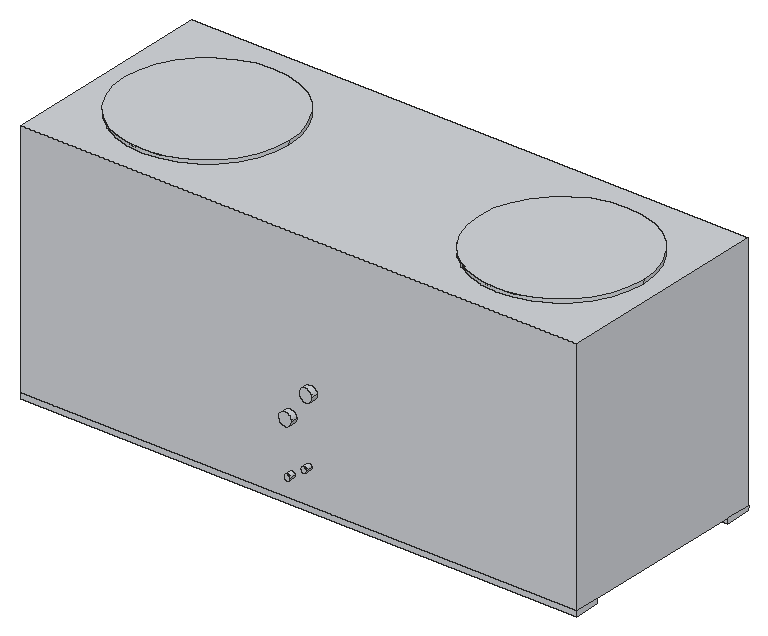
Revit family "4c396db0c36245e3aff2fc978fb12bc0", category Mechanical Equipment, Revit 2021
Family settings
  Round Connector Dimension = Use Radius
  Part Type = Normal
  OmniClass Number = 23.75.10.24.21.11.11
  OmniClass Title = Packaged Refrigerant Condensing Coils and Fan Units
  Seek Item ID = Condenser for VPAC - Air Cooled - 10-15 Tons-0000-USA-ENU
  Work Plane-Based = No
  Always vertical = Yes
  Cut with Voids When Loaded = No
  Shared = No
  Room Calculation Point = No
Parameters (values of type "15 Tons")
  Voltage = 460 V
  Visibility 3 = yes
  Visibility 2 = no
  Visibility 1 = yes
  Unit Width = 2' - 10"
  Unit Material = none
  Unit Length = 7' - 4 1/8"
  Unit Height = 3' - 2 3/4"
  Outlet Radius = 7/16"
  Outlet Diameter = Outlet Radius * 2  # 7/8"
  Number of Poles = 3
  Maximum Operating Charge = 33' - 0"
  Load Classification = Cooling
  Length 1 = 3' - 2 3/4"
  Inlet Radius = 1"
  Inlet Diameter = Inlet Radius * 2  # 2"
  Fan Radius = Fan Diameter / 2  # 1' - 1"
  Fan Diameter = 2' - 2"
  Default Elevation = 0' - 0"
  C4 Offset2 = 0' - 3 3/8"
  C4 Offset1 = 1' - 5"
  C3 Offset2 = 0' - 6 5/8"
  C3 Offset1 = 1' - 0 1/2"
  C2 Offset2 = 0' - 3 5/8"
  C2 Offset1 = 0' - 6 3/8"
  C1 Offset2 = 0' - 6 1/4"
  C1 Offset1 = 0' - 4 3/8"
  Apparent Load = 15130 VA
Types (4): name | Visibility 3 | Visibility 2 | Visibility 1 | Unit Width | Unit Length | Fan Radius | Fan Diameter | C4 Offset2 | C4 Offset1 | C3 Offset2 | C3 Offset1 | C2 Offset2 | C2 Offset1 | C1 Offset2 | C1 Offset1 | Apparent Load
  (no name) | yes | no | yes | 2' - 10" | 7' - 4 1/8" | 1' - 1" | 2' - 2" | 0' - 3 3/8" | 1' - 5" | 0' - 6 5/8" | 1' - 0 1/2" | 0' - 3 5/8" | 0' - 6 3/8" | 0' - 6 1/4" | 0' - 4 3/8" | 15130 VA
  10 Tons | no | yes | no | 3' - 2" | 4' - 3 3/16" | 1' - 2" | 2' - 4" | 0' - 3" | 0' - 9" | 0' - 3" | 0' - 5 1/2" | 0' - 1 1/2" | 0' - 3 5/16" | 0' - 4 1/4" | 0' - 3 5/16" | 10720 VA
  12 Tons | yes | no | yes | 2' - 10" | 7' - 4 1/8" | 1' - 1" | 2' - 2" | 0' - 3 3/8" | 1' - 5" | 0' - 6 5/8" | 1' - 0 1/2" | 0' - 3 5/8" | 0' - 6 3/8" | 0' - 6 1/4" | 0' - 4 3/8" | 12930 VA
  15 Tons | yes | no | yes | 2' - 10" | 7' - 4 1/8" | 1' - 1" | 2' - 2" | 0' - 3 3/8" | 1' - 5" | 0' - 6 5/8" | 1' - 0 1/2" | 0' - 3 5/8" | 0' - 6 3/8" | 0' - 6 1/4" | 0' - 4 3/8" | 15130 VA
Reference planes (in)
  plane 1 "Center (Front/Back)": y = 0
  plane 2: z = 0
  plane 3 "Center (Left/Right)": x = 0
  plane 4: x = 88.125
  plane 5: z = 38.75
  plane 6: y = 34
  plane 7: x = 3
  plane 8: x = 16
  plane 9: x = 49.375
  plane 10: x = 38.75
  plane 11: z = 4.375
  plane 12: z = 6.375
  plane 13: z = 12.5
  plane 14: z = 17
  plane 15: x = 43.125
  plane 16: x = 45.75
  plane 17: x = 42.75
  plane 18: x = 46
  plane 19: x = 44.875
  plane 20: z = 35.625
  plane 21: x = 85.125
  plane 22: x = 72.125
  plane 23: z = 39.25
  plane 24: y = -1
  plane 25: y = 17
  plane 26: y = 1
  plane 27: y = 30
  plane 28: y = 4
  plane 29: z = 0.8
  plane 30: x = 77.5
Forms (in)
  Extrusion 1, solid, material <- "Unit Material"
    sketch origin (0, 0, 0) x (1, 0, 0) y (0, 0, 1)
      loop
        line (0, 38.75) -> (0, 0.8) -> (88.125, 0.8) -> (88.125, 38.75) -> (0, 38.75)
    from 0 to -34
  Extrusion 2, solid, material <- "Unit Material"
    sketch origin (0, 0, 0) x (1, 0, 0) y (0, 0, 1)
      loop
        circle (44.875, 35.625) r 0.5
    from -1 to 0
  Extrusion 3, solid, material <- "Unit Material"
    sketch origin (0, 0, 0) x (1, 0, 0) y (0, 0, 1)
      loop
        circle (46, 17) r 1
    from 0 to 1
  Extrusion 4, solid, material <- "Unit Material"
    sketch origin (0, 0, 0) x (1, 0, 0) y (0, 0, 1)
      loop
        circle (42.75, 12.5) r 1
    from 0 to 1
  Extrusion 5, solid, material <- "Unit Material"
    sketch origin (0, 0, 0) x (1, 0, 0) y (0, 0, 1)
      loop
        circle (45.75, 6.375) r 0.4375
    from 0 to 1
  Extrusion 6, solid, material <- "Unit Material"
    sketch origin (0, 0, 0) x (1, 0, 0) y (0, 0, 1)
      loop
        circle (43.125, 4.375) r 0.4375
    from 0 to 1
  Extrusion 7, solid, material <- "Unit Material"
    sketch origin (0, 0, 0) x (1, 0, 0) y (0, 1, 0)
      loop
        circle (16, 17) r 13
    from 38.75 to 39.25
  Extrusion 8, solid, material <- "Unit Material", visible <- "Visibility 1"
    sketch origin (56.125, 0, 0) x (1, 0, 0) y (0, 1, 0)
      loop
        circle (16, 17) r 13
    from 38.75 to 39.25
  Extrusion 9, solid, material <- "Unit Material"
    sketch origin (1, 0, -7.05) x (1, 0, 0) y (0, 0, 1)
      loop
        line (-1, 7.85) -> (-1, 7.05) -> (87.125, 7.05) -> (87.125, 7.85) -> (-1, 7.85)
    from -4 to 0
  Extrusion 10, solid, material <- "Unit Material"
    sketch origin (0, 38, 0) x (1, 0, 0) y (0, 0, -1)
      loop
        line (0, -0.8) -> (88.125, -0.8) -> (88.125, 0) -> (0, 0) -> (0, -0.8)
    from -8 to -4
Cuts and joins
  joined: Extrusion 1, Extrusion 2, Extrusion 3, Extrusion 4, Extrusion 5, Extrusion 6
Lines and regions (in)
  model lines, visible <- "Visibility 3"
    curve 1: line (49.375, 0, 38.75) -> (49.375, 0, 0.8)
    curve 2: line (3, 0, 38.75) -> (3, 0, 0.8)
  model lines, visible <- "Visibility 2"
    curve 3: line (77.5, 0, 38.75) -> (77.5, 0, 0.8)
Dimensions and locks (in)
  "Unit Length": plane 4 to plane 3 "Center (Left/Right)"
  "Unit Height": plane 5 to plane 2
  "Unit Width": plane 1 "Center (Front/Back)" to plane 6
  locked: plane 7 to plane 3 "Center (Left/Right)" at 3
  "Fan Radius": plane 8 to plane 7
  "Length 1": plane 4 to plane 9
  locked: plane 9 to plane 10 at 10.625
  "C1 Offset1": plane 11 to plane 2
  "C2 Offset1": plane 12 to plane 2
  "C3 Offset1": plane 13 to plane 2
  "C4 Offset1": plane 14 to plane 2
  "C1 Offset2": plane 9 to plane 15
  "C2 Offset2": plane 9 to plane 16
  "C3 Offset2": plane 9 to plane 17
  "C4 Offset2": plane 9 to plane 18
  locked: plane 9 to plane 19 at 4.5
  locked: plane 5 to plane 20 at 3.125
  locked: plane 4 to plane 21 at 3
  "Fan Radius": plane 21 to plane 22
  locked: plane 23 to plane 5 at 0.5
  locked: plane 24 to plane 1 "Center (Front/Back)" at 1
  equal spacing: plane 1 "Center (Front/Back)", plane 25, plane 6
  locked: plane 26 to plane 1 "Center (Front/Back)" at 1
  locked: plane 6 to plane 27 at 4
  locked: plane 28 to plane 1 "Center (Front/Back)" at 4
  locked: plane 29 to plane 2 at 0.8
  locked: plane 4 to plane 30 at 10.625
  radius of Extrusion 2 sketch curve = 0' - 0 1/2"
  "Inlet Radius": radius of Extrusion 3 sketch curve
  "Inlet Radius": radius of Extrusion 4 sketch curve
  "Outlet Radius": radius of Extrusion 5 sketch curve
  "Outlet Radius": radius of Extrusion 6 sketch curve
  "Fan Radius": radius of Extrusion 7 sketch curve
  "Fan Radius": radius of Extrusion 8 sketch curve
  aligned and locked: Extrusion 1 sketch curve to plane 5
  aligned and locked: plane 3 "Center (Left/Right)" to Extrusion 1 sketch curve
  aligned and locked: Extrusion 1 sketch curve to plane 4
  aligned and locked: Extrusion 1 to plane 6
  aligned and locked: plane 1 "Center (Front/Back)" to Extrusion 1
  aligned and locked: plane 20 to Extrusion 2 sketch curve
  aligned and locked: plane 19 to Extrusion 2 sketch curve
  aligned and locked: plane 26 to Extrusion 2
  aligned and locked: plane 1 "Center (Front/Back)" to Extrusion 2
  aligned and locked: plane 14 to Extrusion 3 sketch curve
  aligned and locked: plane 18 to Extrusion 3 sketch curve
  aligned and locked: Extrusion 3 to plane 1 "Center (Front/Back)"
  aligned and locked: plane 24 to Extrusion 3
  aligned and locked: plane 13 to Extrusion 4 sketch curve
  aligned and locked: plane 17 to Extrusion 4 sketch curve
  aligned and locked: Extrusion 4 to plane 1 "Center (Front/Back)"
  aligned and locked: plane 24 to Extrusion 4
  aligned and locked: plane 12 to Extrusion 5 sketch curve
  aligned and locked: plane 16 to Extrusion 5 sketch curve
  aligned and locked: Extrusion 5 to plane 1 "Center (Front/Back)"
  aligned and locked: plane 24 to Extrusion 5
  aligned and locked: plane 11 to Extrusion 6 sketch curve
  aligned and locked: plane 15 to Extrusion 6 sketch curve
  aligned and locked: Extrusion 6 to plane 1 "Center (Front/Back)"
  aligned and locked: plane 24 to Extrusion 6
  aligned and locked: plane 25 to Extrusion 7 sketch curve
  aligned and locked: plane 8 to Extrusion 7 sketch curve
  aligned and locked: plane 25 to Extrusion 8 sketch curve
  aligned and locked: plane 22 to Extrusion 8 sketch curve
  aligned and locked: plane 23 to Extrusion 7
  aligned and locked: Extrusion 7 to plane 5
  aligned and locked: Extrusion 8 to plane 23
  aligned and locked: Extrusion 8 to plane 5
  aligned and locked: plane 5 to curve 1
  aligned and locked: plane 29 to curve 1
  aligned and locked: curve 1 to plane 9
  aligned and locked: plane 29 to curve 2
  aligned and locked: curve 2 to plane 7
  aligned and locked: plane 5 to curve 2
  aligned and locked: Extrusion 1 sketch curve to plane 29
  aligned and locked: Extrusion 9 to plane 28
  aligned and locked: plane 1 "Center (Front/Back)" to Extrusion 9
  aligned and locked: Extrusion 9 to plane 3 "Center (Left/Right)"
  aligned and locked: plane 4 to Extrusion 9
  aligned and locked: Extrusion 9 to plane 29
  aligned and locked: Extrusion 9 to plane 2
  aligned and locked: plane 27 to Extrusion 10
  aligned and locked: Extrusion 10 to plane 6
  aligned and locked: curve 3 to plane 5
  aligned and locked: curve 3 to plane 29
  aligned and locked: curve 3 to plane 30
Automatic sketch dimensions
  Extrusion 9 sketch curve to level = 0' - 0"
  plane 3 "Center (Left/Right)" to Extrusion 9 sketch curve = 0' - 0"
  plane 4 to Extrusion 9 sketch curve = 0' - 0"
  Extrusion 9 sketch curve to plane 29 = 0' - 0"
  Extrusion 10 sketch curve to level = 0' - 0"
  Extrusion 10 sketch curve to plane 3 "Center (Left/Right)" = 0' - 0"
  Extrusion 10 sketch curve to plane 4 = 0' - 0"
  Extrusion 10 sketch curve to plane 29 = 0' - 0"
Connectors (in)
  piping at (43.125, -1, 4.375), diameter 0.875, driven by "Outlet Radius"
    settings: on cut or joined group of Extrusion 1, Extrusion 2, Extrusion 3, Extrusion 4, Extrusion 5, Extrusion 6, index 1, connector inside diameter 7/8", connector length 0' - 0", flow factor 0, pipe flow 0 GPM, pressure drop 0.00 psi, fitting loss kfactor 0, connector angle 0.00°, fixture units 0, engagement length 0' - 0", angle of deflection 0.00°, flow configuration 0, flow direction 2, fitting loss method 0, system type 22, joint type 0, gender type 0, connector reference index 3, connector utility 0, adjustable connector no, is connector primary yes, connector description "Cryogen Out"
  piping at (45.75, -1, 6.375), diameter 0.875, driven by "Outlet Radius"
    settings: on cut or joined group of Extrusion 1, Extrusion 2, Extrusion 3, Extrusion 4, Extrusion 5, Extrusion 6, index 2, connector inside diameter 7/8", connector length 0' - 0", flow factor 0, pipe flow 0 GPM, pressure drop 0.00 psi, fitting loss kfactor 0, connector angle 0.00°, fixture units 0, engagement length 0' - 0", angle of deflection 0.00°, flow configuration 0, flow direction 2, fitting loss method 0, system type 22, joint type 0, gender type 0, connector reference index 4, connector utility 0, adjustable connector no, is connector primary no, connector description "Cryogen Out"
  piping at (42.75, -1, 12.5), diameter 2, driven by "Inlet Radius"
    settings: on cut or joined group of Extrusion 1, Extrusion 2, Extrusion 3, Extrusion 4, Extrusion 5, Extrusion 6, index 3, connector inside diameter 2", connector length 0' - 0", flow factor 0, pipe flow 0 GPM, pressure drop 0.00 psi, fitting loss kfactor 0, connector angle 0.00°, fixture units 0, engagement length 0' - 0", angle of deflection 0.00°, flow configuration 0, flow direction 1, fitting loss method 0, system type 22, joint type 0, gender type 0, connector reference index 1, connector utility 0, adjustable connector no, is connector primary no, connector description "Cryogen In"
  piping at (46, -1, 17), diameter 2, driven by "Inlet Radius"
    settings: on cut or joined group of Extrusion 1, Extrusion 2, Extrusion 3, Extrusion 4, Extrusion 5, Extrusion 6, index 4, connector inside diameter 2", connector length 0' - 0", flow factor 0, pipe flow 0 GPM, pressure drop 0.00 psi, fitting loss kfactor 0, connector angle 0.00°, fixture units 0, engagement length 0' - 0", angle of deflection 0.00°, flow configuration 0, flow direction 1, fitting loss method 0, system type 22, joint type 0, gender type 0, connector reference index 2, connector utility 0, adjustable connector no, is connector primary no, connector description "Cryogen In"
  electrical at (44.875, 0, 35.625), driven by "Apparent Load", driven by "Voltage", driven by "Number of Poles", driven by "Load Classification"
    settings: on Extrusion 2, index 5, voltage 460 V, apparent load 15130 VA, apparent load phase1 0 VA, apparent load phase2 0 VA, apparent load phase3 0 VA, power factor 0.8, load classification "Cooling", number of poles 3, system type 30, power factor state 1, is connector primary yes, connector utility no, sub classification motor no, connector description ""
